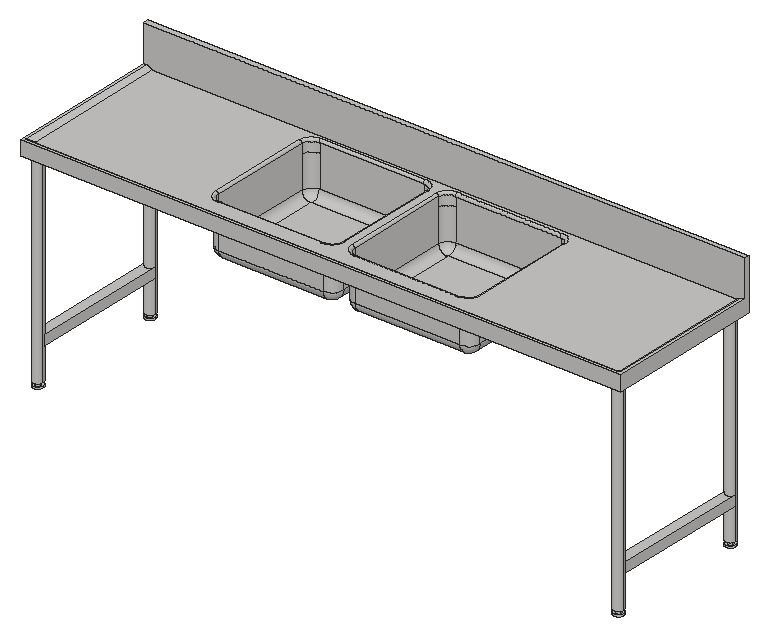
Revit family
Parameters (values of type "2440 X 650 Bowl Center")
  Material = Stainless Steel Grade 304
  Depth of Bowl = 230 mm
  Width of Bowl = 505 mm
  Length of Bowl = 505 mm
  Distance of Bowl = 220 mm
  Waste Connection Radius = Waste Connection Diameter / 2  # 20 mm
  Waste Connection Diameter = 40 mm
  WFU = 0
  URL = "http://www.autospec.co.za/browse.php?id=1644179283"
  Product Code = "None"
  OmniClass Title = ""
  OmniClass Number = ""
  Modspec Classification = ""
  Specification = ""
  Location (revit room) = ""
  Bowl Position [instance] = if(Bowl Position End, Distance of Bowl, if(Bowl Position Center, (Length / 2 - Length of Bowl - 25 mm), Distance of Bowl))  # 690 mm
  Description = ""
  Colour = none
  Bowl Position End = no
  Bowl Position Center = not(Bowl Position End)  # yes
  Body Finish = none
  Splashback Height = 150 mm
  Width = 650 mm
  Model = "Catering Sink Double Bowl Center Series KS2-2440 X 650"
  Manufacturer = "Kwikot"  # constant formula
  Length = 2440 mm
  Height = 1050 mm
  Assembly Code = "E1090300"
Reference planes
  plane 1 "Center (Front/Back)": y = 0
  plane 2 "Bottom": z = 0
  plane 3 "Center (Left/Right)": x = 0
  plane 4 "Left": x = -1220
  plane 5 "Right": x = 1220
  plane 6 "Front": y = -650
  plane 7 "Top": z = 1050
  plane 8: z = 900
  plane 9: z = 840
  plane 10: z = 670
  plane 11: y = -295
  plane 12: x = 277.5
  plane 13: x = -277.5
  plane 14: x = 530
  plane 15: x = -25
  plane 16: x = -530
  plane 17: x = 25
  plane 18: y = -42.5
  plane 19: y = -547.5
Forms (mm)
  Extrusion 1, solid, material "Stainless Steel Grade 304" <- "Material"
    sketch origin (-1220, -491, 4000) x (0, -1, 0) y (0, 0, 1)
      loop
        line (-491, -3160) -> (159, -3160) -> (159, -3100) -> (-471, -3100) -> (-471, -2950) -> (-491, -2950) -> (-491, -3160)
    from 0 to -2440
  Blend 2, void
    base sketch origin (-779.234, -1524, 900) x (0, -1, 0) y (1, 0, 0)
      loop
        arc (-891, -428.766) -> (-887.464, -427.302) -> (-886, -423.766) r 5
        line (-886, -423.766) -> (-886, 1982.234)
        arc (-886, 1982.234) -> (-887.464, 1985.769) -> (-891, 1987.234) r 5
        line (-891, 1987.234) -> (-1504, 1987.234) -> (-1504, -428.766) -> (-891, -428.766)
    top sketch origin (-779.234, -1524, 900) x (0, -1, 0) y (1, 0, 0)
      loop
        line (-1504, -408.766) -> (-911, -408.766)
        arc (-911, -408.766) -> (-907.464, -407.302) -> (-906, -403.766) r 5
        line (-906, -403.766) -> (-906, 1962.234)
        arc (-906, 1962.234) -> (-907.464, 1965.769) -> (-911, 1967.234) r 5
        line (-911, 1967.234) -> (-1504, 1967.234) -> (-1504, -408.766)
    from 0 to -12
  Extrusion 3, void
    sketch origin (-779.234, -1524, 840) x (0, -1, 0) y (-1, 0, 0)
      loop
        line (-1481.5, -844.234) -> (-1481.5, -1269.234)
        arc (-1481.5, -1269.234) -> (-1469.784, -1297.518) -> (-1441.5, -1309.234) r 40
        line (-1441.5, -1309.234) -> (-1016.5, -1309.234)
        arc (-1016.5, -1309.234) -> (-988.216, -1297.518) -> (-976.5, -1269.234) r 40
        line (-976.5, -1269.234) -> (-976.5, -844.234)
        arc (-976.5, -844.234) -> (-988.216, -815.949) -> (-1016.5, -804.234) r 40
        line (-1016.5, -804.234) -> (-1441.5, -804.234)
        arc (-1441.5, -804.234) -> (-1469.784, -815.949) -> (-1481.5, -844.234) r 40
      loop
        arc (-1481.5, -714.234) -> (-1469.784, -742.518) -> (-1441.5, -754.234) r 40
        line (-1441.5, -754.234) -> (-1016.5, -754.234)
        arc (-1016.5, -754.234) -> (-988.216, -742.518) -> (-976.5, -714.234) r 40
        line (-976.5, -714.234) -> (-976.5, -289.234)
        arc (-976.5, -289.234) -> (-988.216, -260.949) -> (-1016.5, -249.234) r 40
        line (-1016.5, -249.234) -> (-1441.5, -249.234)
        arc (-1441.5, -249.234) -> (-1469.784, -260.949) -> (-1481.5, -289.234) r 40
        line (-1481.5, -289.234) -> (-1481.5, -714.234)
    from 0 to -60
  Sweep 4, solid, material "Stainless Steel Grade 304" <- "Material"
    path origin (-779.234, -1524, 900) x (-1, 0, 0) y (0, -1, 0)
      loop
        line (-804.234, -1441.5) -> (-804.234, -1016.5)
        arc (-804.234, -1016.5) -> (-815.949, -988.216) -> (-844.234, -976.5) r 40
        line (-844.234, -976.5) -> (-1269.234, -976.5)
        arc (-1269.234, -976.5) -> (-1297.518, -988.216) -> (-1309.234, -1016.5) r 40
        line (-1309.234, -1016.5) -> (-1309.234, -1441.5)
        arc (-1309.234, -1441.5) -> (-1297.518, -1469.784) -> (-1269.234, -1481.5) r 40
        line (-1269.234, -1481.5) -> (-844.234, -1481.5)
        arc (-844.234, -1481.5) -> (-815.949, -1469.784) -> (-804.234, -1441.5) r 40
    profile origin (25, -295, 900) x (1, 0, 0) y (0, 0, 1)
      loop
        line (0, -12) -> (-5, -12) -> (-5, -190)
        arc (-5, -190) -> (6.716, -218.284) -> (35, -230) r 40
        line (35, -230) -> (35, -225)
        arc (35, -225) -> (10.251, -214.749) -> (0, -190) r 35
        line (0, -190) -> (0, -12)
  Sweep 5, solid, material "Stainless Steel Grade 304" <- "Material"
    path origin (-779.234, -1524, 900) x (-1, 0, 0) y (0, -1, 0)
      loop
        line (-249.234, -1441.5) -> (-249.234, -1016.5)
        arc (-249.234, -1016.5) -> (-260.949, -988.216) -> (-289.234, -976.5) r 40
        line (-289.234, -976.5) -> (-714.234, -976.5)
        arc (-714.234, -976.5) -> (-742.518, -988.216) -> (-754.234, -1016.5) r 40
        line (-754.234, -1016.5) -> (-754.234, -1441.5)
        arc (-754.234, -1441.5) -> (-742.518, -1469.784) -> (-714.234, -1481.5) r 40
        line (-714.234, -1481.5) -> (-289.234, -1481.5)
        arc (-289.234, -1481.5) -> (-260.949, -1469.784) -> (-249.234, -1441.5) r 40
    profile origin (-530, -295, 900) x (1, 0, 0) y (0, 0, 1)
      loop
        line (0, -12) -> (-5, -12) -> (-5, -190)
        arc (-5, -190) -> (6.716, -218.284) -> (35, -230) r 40
        line (35, -230) -> (35, -225)
        arc (35, -225) -> (10.251, -214.749) -> (0, -190) r 35
        line (0, -190) -> (0, -12)
  Extrusion 6, solid, material "Stainless Steel Grade 304" <- "Material"
    sketch origin (-779.234, -1524, 670) x (-1, 0, 0) y (0, -1, 0)
      loop
        arc (-284.234, -1016.5) -> (-285.698, -1012.964) -> (-289.234, -1011.5) r 5
        line (-289.234, -1011.5) -> (-714.234, -1011.5)
        arc (-714.234, -1011.5) -> (-717.769, -1012.964) -> (-719.234, -1016.5) r 5
        line (-719.234, -1016.5) -> (-719.234, -1441.5)
        arc (-719.234, -1441.5) -> (-717.769, -1445.036) -> (-714.234, -1446.5) r 5
        line (-714.234, -1446.5) -> (-289.234, -1446.5)
        arc (-289.234, -1446.5) -> (-285.698, -1445.036) -> (-284.234, -1441.5) r 5
        line (-284.234, -1441.5) -> (-284.234, -1016.5)
      loop
        circle (-501.734, -1229) r 26
    from 0 to 5
  Extrusion 7, solid, material "Stainless Steel Grade 304" <- "Material"
    sketch origin (-779.234, -1524, 670) x (-1, 0, 0) y (0, -1, 0)
      loop
        arc (-839.234, -1016.5) -> (-840.698, -1012.964) -> (-844.234, -1011.5) r 5
        line (-844.234, -1011.5) -> (-1269.234, -1011.5)
        arc (-1269.234, -1011.5) -> (-1272.769, -1012.964) -> (-1274.234, -1016.5) r 5
        line (-1274.234, -1016.5) -> (-1274.234, -1441.5)
        arc (-1274.234, -1441.5) -> (-1272.769, -1445.036) -> (-1269.234, -1446.5) r 5
        line (-1269.234, -1446.5) -> (-844.234, -1446.5)
        arc (-844.234, -1446.5) -> (-840.698, -1445.036) -> (-839.234, -1441.5) r 5
        line (-839.234, -1441.5) -> (-839.234, -1016.5)
      loop
        circle (-1056.734, -1229) r 26
    from 0 to 5
  Blend 8, solid, material "Stainless Steel Grade 304" <- "Material"
    base sketch origin (-779.234, -1524, 670) x (-1, 0, 0) y (0, -1, 0)
      loop
        circle (-501.734, -1229) r 26
    top sketch origin (-779.234, -1524, 670) x (-1, 0, 0) y (0, -1, 0)
      loop
        circle (-501.734, -1229) r 20
    from 0 to -5
  Blend 9, solid, material "Stainless Steel Grade 304" <- "Material"
    base sketch origin (-779.234, -1524, 670) x (-1, 0, 0) y (0, -1, 0)
      loop
        circle (-1056.734, -1229) r 26
    top sketch origin (-779.234, -1524, 670) x (-1, 0, 0) y (0, -1, 0)
      loop
        circle (-1056.734, -1229) r 20
    from 0 to -5
  Sweep 10, void
    path origin (-779.234, -1524, 900) x (-1, 0, 0) y (0, -1, 0)
      loop
        line (-249.234, -1441.5) -> (-249.234, -1016.5)
        arc (-249.234, -1016.5) -> (-260.949, -988.216) -> (-289.234, -976.5) r 40
        line (-289.234, -976.5) -> (-714.234, -976.5)
        arc (-714.234, -976.5) -> (-742.518, -988.216) -> (-754.234, -1016.5) r 40
        line (-754.234, -1016.5) -> (-754.234, -1441.5)
        arc (-754.234, -1441.5) -> (-742.518, -1469.784) -> (-714.234, -1481.5) r 40
        line (-714.234, -1481.5) -> (-289.234, -1481.5)
        arc (-289.234, -1481.5) -> (-260.949, -1469.784) -> (-249.234, -1441.5) r 40
    profile origin (-530, -295, 900) x (1, 0, 0) y (0, 0, 1)
      loop
        line (0, -12) -> (-10, -12)
        arc (-10, -12) -> (-2.929, -14.929) -> (0, -22) r 10
        line (0, -22) -> (0, -12)
  Sweep 11, void
    path origin (-779.234, -1524, 900) x (-1, 0, 0) y (0, -1, 0)
      loop
        line (-804.234, -1441.5) -> (-804.234, -1016.5)
        arc (-804.234, -1016.5) -> (-815.949, -988.216) -> (-844.234, -976.5) r 40
        line (-844.234, -976.5) -> (-1269.234, -976.5)
        arc (-1269.234, -976.5) -> (-1297.518, -988.216) -> (-1309.234, -1016.5) r 40
        line (-1309.234, -1016.5) -> (-1309.234, -1441.5)
        arc (-1309.234, -1441.5) -> (-1297.518, -1469.784) -> (-1269.234, -1481.5) r 40
        line (-1269.234, -1481.5) -> (-844.234, -1481.5)
        arc (-844.234, -1481.5) -> (-815.949, -1469.784) -> (-804.234, -1441.5) r 40
    profile origin (25, -295, 900) x (1, 0, 0) y (0, 0, 1)
      loop
        line (0, -12) -> (-10, -12)
        arc (-10, -12) -> (-2.929, -14.929) -> (0, -22) r 10
        line (0, -22) -> (0, -12)
  Extrusion 12, solid, material "Stainless Steel Grade 304" <- "Material"
    sketch origin (0, 0, 0) x (1, 0, 0) y (0, 1, 0)
      loop
        circle (-1180, -610) r 21
      loop
        circle (-1180, -40) r 21
      loop
        circle (1180, -610) r 21
      loop
        circle (1180, -40) r 21
    from 0 to 5
  Extrusion 13, solid, material "Stainless Steel Grade 304" <- "Material"
    sketch origin (0, 0, 0) x (1, 0, 0) y (0, 1, 0)
      loop
        circle (1180, -610) r 10
      loop
        circle (1180, -40) r 10
      loop
        circle (-1180, -40) r 10
      loop
        circle (-1180, -610) r 10
    from 5 to 20
  Extrusion 14, solid, material "Stainless Steel Grade 304" <- "Material"
    sketch origin (-779.234, -1524, 840) x (-1, 0, 0) y (0, -1, 0)
      loop
        circle (400.766, -914) r 21
      loop
        circle (400.766, -1484) r 21
      loop
        circle (-1959.234, -1484) r 21
      loop
        circle (-1959.234, -914) r 21
    from 0 to -820
  Extrusion 15, solid, material "Stainless Steel Grade 304" <- "Material"
    sketch origin (0, 0, 0) x (1, 0, 0) y (0, 1, 0)
      loop
        line (-1159, -610) -> (-1159, -40)
        arc (-1159, -40) -> (-1180, -61) -> (-1201, -40) r 21
        line (-1201, -40) -> (-1201, -610)
        arc (-1201, -610) -> (-1180, -589) -> (-1159, -610) r 21
      loop
        line (1159, -40) -> (1159, -610)
        arc (1159, -610) -> (1180, -589) -> (1201, -610) r 21
        line (1201, -610) -> (1201, -40)
        arc (1201, -40) -> (1180, -61) -> (1159, -40) r 21
    from 150 to 190
Cuts and joins
  Blend 2, Extrusion 3, Sweep 10, Sweep 11 cuts Extrusion 1
  Sweep 10, Sweep 11 cuts Sweep 4
  Sweep 10, Sweep 11 cuts Sweep 5
  Sweep 10, Sweep 11 cuts Extrusion 6
  Sweep 10, Sweep 11 cuts Extrusion 7
  joined: Extrusion 1, Sweep 4, Sweep 5, Extrusion 6, Extrusion 7, Blend 8, Blend 9
Lines and regions (mm)
  symbolic lines
    curve 1: line (-1220, 0, 750) -> (-1220, -650, 750)
    curve 2: line (1220, 0, 750) -> (-1220, 0, 750)
    curve 3: line (1220, -650, 750) -> (1220, 0, 750)
    curve 4: line (-1220, -650, 750) -> (1220, -650, 750)
    curve 5: line (-1220, -20, 750) -> (1220, -20, 750)
    curve 6: line (-1208, -633, 1050) -> (-1208, -20, 1050)
    curve 7: arc (-1203, -638, 1050) -> (-1206.536, -636.536, 1050) -> (-1208, -633, 1050) r 5
    curve 8: line (1203, -638, 1050) -> (-1203, -638, 1050)
    curve 9: line (-1188, -20, 1050) -> (-1188, -613, 1050)
    curve 10: arc (-1188, -613, 1050) -> (-1186.536, -616.536, 1050) -> (-1183, -618, 1050) r 5
    curve 11: line (-1183, -618, 1050) -> (1183, -618, 1050)
    curve 12: arc (1183, -618, 1050) -> (1186.536, -616.536, 1050) -> (1188, -613, 1050) r 5
    curve 13: line (1188, -613, 1050) -> (1188, -20, 1050)
    curve 14: arc (1208, -633, 1050) -> (1206.536, -636.536, 1050) -> (1203, -638, 1050) r 5
    curve 15: line (1208, -20, 1050) -> (1208, -633, 1050)
    curve 16: line (490, -547.5, 1050) -> (65, -547.5, 1050)
    curve 17: arc (65, -547.5, 1050) -> (36.716, -535.784, 1050) -> (25, -507.5, 1050) r 40
    curve 18: line (25, -507.5, 1050) -> (25, -82.5, 1050)
    curve 19: arc (25, -82.5, 1050) -> (36.716, -54.216, 1050) -> (65, -42.5, 1050) r 40
    curve 20: line (65, -42.5, 1050) -> (490, -42.5, 1050)
    curve 21: arc (490, -42.5, 1050) -> (518.284, -54.216, 1050) -> (530, -82.5, 1050) r 40
    curve 22: line (530, -82.5, 1050) -> (530, -507.5, 1050)
    curve 23: arc (530, -507.5, 1050) -> (518.284, -535.784, 1050) -> (490, -547.5, 1050) r 40
    curve 24: line (-530, -82.5, 1050) -> (-530, -507.5, 1050)
    curve 25: arc (-530, -82.5, 1050) -> (-518.284, -54.216, 1050) -> (-490, -42.5, 1050) r 40
    curve 26: line (-65, -42.5, 1050) -> (-490, -42.5, 1050)
    curve 27: arc (-65, -42.5, 1050) -> (-36.716, -54.216, 1050) -> (-25, -82.5, 1050) r 40
    curve 28: line (-25, -507.5, 1050) -> (-25, -82.5, 1050)
    curve 31: arc (-25, -507.5, 1050) -> (-36.716, -535.784, 1050) -> (-65, -547.5, 1050) r 40
    curve 32: line (-490, -547.5, 1050) -> (-65, -547.5, 1050)
    curve 33: arc (-490, -547.5, 1050) -> (-518.284, -535.784, 1050) -> (-530, -507.5, 1050) r 40
  symbolic lines, detail levels fine
    curve 29: arc (-303.5, -295, 1050) -> (-277.5, -269, 1050) -> (-251.5, -295, 1050) r 26
    curve 30: arc (-251.5, -295, 1050) -> (-277.5, -321, 1050) -> (-303.5, -295, 1050) r 26
    curve 34: arc (303.5, -295, 1050) -> (277.5, -321, 1050) -> (251.5, -295, 1050) r 26
    curve 35: arc (251.5, -295, 1050) -> (277.5, -269, 1050) -> (303.5, -295, 1050) r 26
Dimensions and locks
  equal spacing: plane 4 "Left", plane 3 "Center (Left/Right)", plane 5 "Right"
  "Length": plane 4 "Left" to plane 5 "Right"
  "Width": plane 1 "Center (Front/Back)" to plane 6 "Front"
  "Height": plane 7 "Top" to level
  "Splashback Height": plane 7 "Top" to plane 8
  Blend 2 sketch curve to plane 6 "Front" = 12 mm
  plane 11 to plane 1 "Center (Front/Back)" = 295 mm
  Blend 2 sketch curve to var sketch = 20 mm  (x2)
  var sketch to Blend 2 sketch curve = 20 mm
  "Depth of Bowl": plane 8 to plane 10
  "Width of Bowl": plane 18 to plane 19
  "Length of Bowl": plane 16 to plane 15
  equal spacing: plane 16, plane 13, plane 15
  "Length of Bowl": plane 17 to plane 14
  equal spacing: plane 17, plane 12, plane 14
  plane 8 to plane 9 = 60 mm
  plane 4 "Left" to Extrusion 12 sketch curve = 40 mm  (x2)
  Extrusion 12 sketch curve to plane 6 "Front" = 40 mm  (x2)
  Extrusion 12 sketch curve to plane 1 "Center (Front/Back)" = 40 mm  (x2)
  Extrusion 12 sketch curve to plane 5 "Right" = 40 mm  (x2)
  Extrusion 13 sketch curve to plane 1 "Center (Front/Back)" = 40 mm  (x2)
  plane 4 "Left" to Extrusion 13 sketch curve = 40 mm  (x2)
  Extrusion 13 sketch curve to plane 6 "Front" = 40 mm  (x2)
  Extrusion 13 sketch curve to plane 5 "Right" = 40 mm  (x2)
  Extrusion 15 to plane 2 "Bottom" = 150 mm
  "Bowl Position": plane 14 to plane 5 "Right"
  plane 15 to plane 17 = 50 mm
  equal spacing: plane 18, plane 11, plane 19
  radius of Extrusion 3 sketch curve = 40 mm  (x8)
  radius of Extrusion 7 sketch curve = 26 mm
  "Waste Connection Radius": radius of Blend 8 sketch curve
  "Waste Connection Radius": radius of Blend 9 sketch curve
  radius of Extrusion 12 sketch curve = 21 mm  (x4)
  radius of Extrusion 13 sketch curve = 10 mm  (x4)
  aligned and locked: level to plane 2 "Bottom"
  aligned and locked: Extrusion 1 sketch curve to plane 9
  aligned and locked: Extrusion 1 sketch curve to plane 1 "Center (Front/Back)"
  aligned and locked: plane 8 to Extrusion 1 sketch curve
  aligned and locked: Extrusion 1 sketch curve to plane 6 "Front"
  aligned and locked: plane 7 "Top" to Extrusion 1 sketch curve
  aligned and locked: plane 4 "Left" to Extrusion 1
  aligned and locked: Extrusion 1 to plane 5 "Right"
  aligned and locked: var sketch to Blend 2 sketch curve
  aligned and locked: plane 8 to Extrusion 3
  aligned and locked: Extrusion 3 to plane 9
  aligned and locked: Sweep 4 sketch curve to cut or joined group 1 (Extrusion 1, Blend 2, Extrusion 3, Sweep 4, Sweep 5, Extrusion 6, Extrusion 7, Blend 8, Blend 9, Sweep 10, Sweep 11)  (x6)
  aligned and locked: curve 7 to cut or joined group 1
  aligned and locked: curve 9 to cut or joined group 1
  aligned and locked: curve 10 to cut or joined group 1
  aligned and locked: curve 12 to cut or joined group 1
  aligned and locked: curve 14 to cut or joined group 1
  aligned and locked: curve 15 to cut or joined group 1
  aligned and locked: curve 17 to cut or joined group 1
  aligned and locked: curve 19 to cut or joined group 1
  aligned and locked: curve 21 to cut or joined group 1
  aligned and locked: curve 23 to cut or joined group 1
  aligned and locked: Sweep 5 sketch curve to cut or joined group 1  (x6)
  aligned and locked: Extrusion 6 sketch curve to cut or joined group 1  (x4)
  aligned and locked: plane 11 to Extrusion 6 sketch curve
  aligned and locked: plane 13 to Extrusion 6 sketch curve
  aligned and locked: Extrusion 7 sketch curve to cut or joined group 1  (x4)
  aligned and locked: plane 11 to Extrusion 7 sketch curve
  aligned and locked: plane 12 to Extrusion 7 sketch curve
  aligned and locked: curve 25 to cut or joined group 1
  aligned and locked: curve 27 to cut or joined group 1
  aligned and locked: curve 29 to cut or joined group 1
  aligned and locked: curve 30 to cut or joined group 1
  aligned and locked: curve 31 to cut or joined group 1
  aligned and locked: curve 33 to cut or joined group 1
  aligned and locked: curve 34 to cut or joined group 1
  aligned and locked: curve 35 to cut or joined group 1
  aligned and locked: Blend 8 sketch curve to cut or joined group 1  (x2)
  aligned and locked: plane 11 to Blend 8 sketch curve
  aligned and locked: plane 13 to Blend 8 sketch curve
  aligned and locked: Blend 9 sketch curve to cut or joined group 1  (x2)
  aligned and locked: plane 11 to Blend 9 sketch curve
  aligned and locked: plane 12 to Blend 9 sketch curve
  aligned and locked: plane 10 to Sweep 5 sketch curve
  aligned and locked: plane 10 to Sweep 4 sketch curve
  aligned and locked: plane 18 to Extrusion 3 sketch curve
  aligned and locked: Extrusion 3 sketch curve to plane 18
  aligned and locked: plane 19 to Extrusion 3 sketch curve
  aligned and locked: Extrusion 3 sketch curve to plane 19
  aligned and locked: plane 16 to Extrusion 3 sketch curve
  aligned and locked: plane 15 to Extrusion 3 sketch curve
  aligned and locked: plane 17 to Extrusion 3 sketch curve
  aligned and locked: plane 14 to Extrusion 3 sketch curve
  aligned and locked: Sweep 10 sketch curve to cut or joined group 1  (x4)
  aligned and locked: profile plane to Sweep 10 sketch curve
  aligned and locked: cut or joined group 1 to Sweep 10 sketch curve
  aligned and locked: Sweep 11 sketch curve to cut or joined group 1  (x4)
  aligned and locked: profile plane to Sweep 11 sketch curve
  aligned and locked: cut or joined group 1 to Sweep 11 sketch curve
  aligned and locked: Extrusion 12 to plane 2 "Bottom"
  aligned and locked: Extrusion 13 to Extrusion 12
  aligned and locked: Extrusion 14 sketch curve to Extrusion 12  (x8)
  aligned and locked: plane 9 to Extrusion 14
  aligned and locked: Extrusion 14 to Extrusion 13
  aligned and locked: Extrusion 15 sketch curve to Extrusion 14  (x4)
Automatic sketch dimensions
  plane 1 "Center (Front/Back)" to Extrusion 1 sketch curve = 20 mm
  Blend 2 sketch curve to Blend 2 sketch curve = 5 mm  (x4)
  plane 1 "Center (Front/Back)" to Blend 2 sketch curve = 20 mm
  Blend 2 sketch curve to plane 4 "Left" = 12 mm
  plane 5 "Right" to Blend 2 sketch curve = 17 mm
  plane 1 "Center (Front/Back)" to curve 3 = 0 mm
  curve 3 to plane 5 "Right" = 0 mm
  curve 4 to plane 4 "Left" = 0 mm
  curve 4 to plane 6 "Front" = 0 mm
  curve 1 to curve 5 = 20 mm
  plane 1 "Center (Front/Back)" to curve 15 = 20 mm
  plane 1 "Center (Front/Back)" to curve 9 = 20 mm
  plane 1 "Center (Front/Back)" to curve 13 = 20 mm
  curve 6 to curve 9 = 0 mm
  Sweep 5 sketch curve to Sweep 5 sketch curve = 0 mm
  profile plane to Sweep 5 sketch curve = 5 mm
  Sweep 5 sketch curve to profile plane = 35 mm
  Sweep 4 sketch curve to Sweep 4 sketch curve = 0 mm
  profile plane to Sweep 4 sketch curve = 5 mm
  Sweep 4 sketch curve to Sweep 4 sketch curve = 35 mm
  Sweep 10 sketch curve to Sweep 10 sketch curve = 10 mm  (x3)
  Sweep 10 sketch curve to Sweep 10 sketch curve = 0 mm
  profile plane to Sweep 10 sketch curve = 0 mm
  Sweep 11 sketch curve to Sweep 11 sketch curve = 10 mm  (x3)
  Sweep 11 sketch curve to Sweep 11 sketch curve = 0 mm
  profile plane to Sweep 11 sketch curve = 0 mm
  radius of Extrusion 6 sketch curve = 26 mm
Connectors
  piping at (-277.5, -295, 665), driven by "Waste Connection Radius", driven by "WFU"
    settings: on Blend 8, index 1, connector radius 20 mm, flow factor 0, pipe flow 0.0 L/s, pressure drop 0.0 Pa, fitting loss kfactor 0, connector angle 0.00°, fixture units 0, flow configuration 3, flow direction 2, fitting loss method 0, system type 16, connector reference index -1, connector utility 0, adjustable connector no, is connector primary yes, fitting loss table "", connector description "Waste Connection"
  piping at (277.5, -295, 665), driven by "Waste Connection Radius", driven by "WFU"
    settings: on Blend 9, index 2, connector radius 20 mm, flow factor 0, pipe flow 0.0 L/s, pressure drop 0.0 Pa, fitting loss kfactor 0, connector angle 0.00°, fixture units 0, flow configuration 3, flow direction 2, fitting loss method 0, system type 16, connector reference index -1, connector utility 0, adjustable connector no, is connector primary no, fitting loss table "", connector description "Waste Connection"
